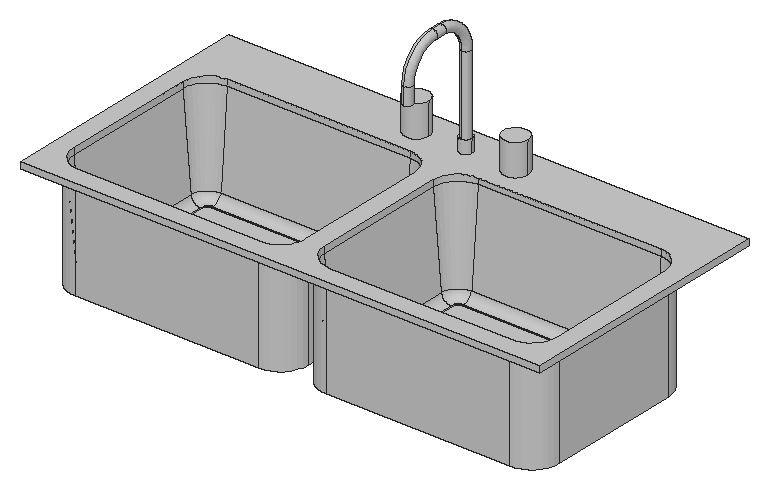
Revit family "Sink Kitchen-Double.rfa #", category Plumbing Fixtures, Revit 2023
Family settings
  Round Connector Dimension = Use Diameter
  Part Type = Normal
  Work Plane-Based = No
  Enable Cutting in Views = No
  Always vertical = Yes
  Cut with Voids When Loaded = No
  Maintain Annotation Orientation = No
  Shared = Yes
  Room Calculation Point = No
Parameters (values of type "42" x 21"")
  Default Elevation = 0' - 0"
  Assembly Code = "D2010410"
  Counter Height = 3' - 0"
  Depth = 1' - 9"
  Faucet Material = Steel, Polished
  Sink Material = Steel, Polished
  Width = 3' - 6"
Reference planes (in)
  plane 1 "Center (Front/Back)": y = -1.40766
  plane 2: z = 0
  plane 3 "Center (Left/Right)": x = 0.61769
  plane 4: y = 10.59234
  plane 5: y = -10.40766
  plane 6: x = -20.38231
  plane 7: x = 21.61769
  plane 8 "Top Of Counter": z = 36
  plane 9: z = 36.5
  plane 10: z = 27.5
  plane 11: y = 6.09234
  plane 12: x = -18.88231
  plane 13: y = -8.90766
  plane 14: x = 20.11769
  plane 15: x = -3.38231
  plane 16: x = 4.61769
  plane 17: y = 8.34234
  plane 18: y = 8.34234
  plane 19: y = 8.34234
  plane 20: z = 46.375
  plane 21: y = 2.46734
  plane 22: z = 39
  plane 23: z = 37.5
  plane 24: x = -0.13231
  plane 25: x = 1.36769
  plane 26: x = -9.13231
  plane 27: x = 10.36769
  plane 28: z = 27.875
Forms (in)
  Extrusion 1, solid, material "Steel, Polished" <- "Sink Material"
    sketch origin (0, 0, 0) x (1, 0, 0) y (0, 1, 0)
      loop
        line (-20.38231, 10.59234) -> (-20.38231, -10.40766) -> (21.61769, -10.40766) -> (21.61769, 10.59234) -> (-20.38231, 10.59234)
      loop
        arc (-16.88231, 6.09234) -> (-18.29653, 5.50655) -> (-18.88231, 4.09234) r 2
        line (-18.88231, 4.09234) -> (-18.88231, -6.90766)
        arc (-18.88231, -6.90766) -> (-18.29653, -8.32187) -> (-16.88231, -8.90766) r 2
        line (-16.88231, -8.90766) -> (-2.13231, -8.90766)
        arc (-2.13231, -8.90766) -> (-0.7181, -8.32187) -> (-0.13231, -6.90766) r 2
        line (-0.13231, -6.90766) -> (-0.13231, 4.09234)
        arc (-0.13231, 4.09234) -> (-0.7181, 5.50655) -> (-2.13231, 6.09234) r 2
        line (-2.13231, 6.09234) -> (-16.88231, 6.09234)
      loop
        arc (18.11769, -8.90766) -> (19.5319, -8.32187) -> (20.11769, -6.90766) r 2
        line (20.11769, -6.90766) -> (20.11769, 4.09234)
        arc (20.11769, 4.09234) -> (19.5319, 5.50655) -> (18.11769, 6.09234) r 2
        line (18.11769, 6.09234) -> (3.36769, 6.09234)
        arc (3.36769, 6.09234) -> (1.95347, 5.50655) -> (1.36769, 4.09234) r 2
        line (1.36769, 4.09234) -> (1.36769, -6.90766)
        arc (1.36769, -6.90766) -> (1.95347, -8.32187) -> (3.36769, -8.90766) r 2
        line (3.36769, -8.90766) -> (18.11769, -8.90766)
    from 36 to 36.5
  Sweep 2, solid, material "Steel, Polished" <- "Sink Material"
    path origin (0, 0, 0) x (1, 0, 0) y (0, 1, 0)
      loop
        arc (-16.88231, 6.09234) -> (-18.29653, 5.50655) -> (-18.88231, 4.09234) r 2
        line (-18.88231, 4.09234) -> (-18.88231, -6.90766)
        arc (-18.88231, -6.90766) -> (-18.29653, -8.32187) -> (-16.88231, -8.90766) r 2
        line (-16.88231, -8.90766) -> (-2.13231, -8.90766)
        arc (-2.13231, -8.90766) -> (-0.7181, -8.32187) -> (-0.13231, -6.90766) r 2
        line (-0.13231, -6.90766) -> (-0.13231, 4.09234)
        arc (-0.13231, 4.09234) -> (-0.7181, 5.50655) -> (-2.13231, 6.09234) r 2
        line (-2.13231, 6.09234) -> (-16.88231, 6.09234)
    profile origin (-9.50731, 0, 0) x (0, 1, 0) y (0, 0, 1)
      loop
        line (6.09234, 36) -> (5.44139, 28.55963)
        arc (5.44139, 28.55963) -> (5.20094, 28.07204) -> (4.69424, 27.875) r 0.75
        line (4.69424, 27.875) -> (4.59234, 27.875) -> (4.59234, 27.5) -> (6.34234, 27.5) -> (6.34234, 36) -> (6.09234, 36)
  Extrusion 3, solid, material "Steel, Polished" <- "Sink Material"
    sketch origin (0, 0, 0) x (1, 0, 0) y (0, 1, 0)
      loop
        arc (-16.88231, 4.59234) -> (-17.23587, 4.44589) -> (-17.38231, 4.09234) r 0.5
        line (-17.38231, 4.09234) -> (-17.38231, -6.90766)
        arc (-17.38231, -6.90766) -> (-17.23587, -7.26121) -> (-16.88231, -7.40766) r 0.5
        line (-16.88231, -7.40766) -> (-2.13231, -7.40766)
        arc (-2.13231, -7.40766) -> (-1.77876, -7.26121) -> (-1.63231, -6.90766) r 0.5
        line (-1.63231, -6.90766) -> (-1.63231, 4.09234)
        arc (-1.63231, 4.09234) -> (-1.77876, 4.44589) -> (-2.13231, 4.59234) r 0.5
        line (-2.13231, 4.59234) -> (-16.88231, 4.59234)
      loop
        circle (-9.13231, -1.40766) r 1
    from 27.5 to 27.875
  Extrusion 4, solid, material "Steel, Polished" <- "Faucet Material"
    sketch origin (0, 0, 0) x (1, 0, 0) y (0, 1, 0)
      loop
        circle (-3.38231, 8.34234) r 1
      loop
        circle (4.61769, 8.34234) r 1
    from 36.5 to 39
  Sweep 5, solid, material "Steel, Polished" <- "Faucet Material"
    path origin (0.61769, 0, 0) x (0, 1, 0) y (0, 0, 1)
      loop
        line (8.34234, 36.5) -> (8.34234, 43.875)
        arc (8.34234, 43.875) -> (7.61011, 45.64277) -> (5.84234, 46.375) r 2.5
        line (5.84234, 46.375) -> (4.96734, 46.375)
        arc (4.96734, 46.375) -> (3.19957, 45.64277) -> (2.46734, 43.875) r 2.5
        line (2.46734, 43.875) -> (2.46734, 42.5)
    profile origin (0.61769, 0, 40.1875) x (0, -1, 0) y (1, 0, 0)
      loop
        circle (-8.34234, 0) r 0.375
  Extrusion 6, solid, material "Steel, Polished" <- "Faucet Material"
    sketch origin (0, 0, 0) x (1, 0, 0) y (0, 1, 0)
      loop
        circle (0.61769, 8.34234) r 0.5
    from 36.5 to 37.5
  Sweep 7, solid, material "Steel, Polished" <- "Sink Material"
    path origin (1.23537, 0, 0) x (-1, 0, 0) y (0, -1, 0)
      loop
        line (-16.88231, -6.09234) -> (-2.13231, -6.09234)
        arc (-2.13231, -6.09234) -> (-0.7181, -5.50655) -> (-0.13231, -4.09234) r 2
        line (-0.13231, -4.09234) -> (-0.13231, 6.90766)
        arc (-0.13231, 6.90766) -> (-0.7181, 8.32187) -> (-2.13231, 8.90766) r 2
        line (-2.13231, 8.90766) -> (-16.88231, 8.90766)
        arc (-16.88231, 8.90766) -> (-18.29653, 8.32187) -> (-18.88231, 6.90766) r 2
        line (-18.88231, 6.90766) -> (-18.88231, -4.09234)
        arc (-18.88231, -4.09234) -> (-18.29653, -5.50655) -> (-16.88231, -6.09234) r 2
    profile origin (10.74269, 0, 0) x (0, -1, 0) y (0, 0, 1)
      loop
        line (-6.09234, 36) -> (-6.34234, 36) -> (-6.34234, 27.5) -> (-4.59234, 27.5) -> (-4.59234, 27.875) -> (-4.69424, 27.875)
        arc (-4.69424, 27.875) -> (-5.20094, 28.07204) -> (-5.44139, 28.55963) r 0.75
        line (-5.44139, 28.55963) -> (-6.09234, 36)
  Extrusion 8, solid, material "Steel, Polished" <- "Sink Material"
    sketch origin (0, 0, 0) x (1, 0, 0) y (0, 1, 0)
      loop
        arc (3.36769, 4.69424) -> (3.01413, 4.5478) -> (2.86769, 4.19424) r 0.5
        line (2.86769, 4.19424) -> (2.86769, -6.90766)
        arc (2.86769, -6.90766) -> (3.01413, -7.26121) -> (3.36769, -7.40766) r 0.5
        line (3.36769, -7.40766) -> (18.11769, -7.40766)
        arc (18.11769, -7.40766) -> (18.47124, -7.26121) -> (18.61769, -6.90766) r 0.5
        line (18.61769, -6.90766) -> (18.61769, 4.19424)
        arc (18.61769, 4.19424) -> (18.47124, 4.5478) -> (18.11769, 4.69424) r 0.5
        line (18.11769, 4.69424) -> (3.36769, 4.69424)
      loop
        circle (10.36769, -1.40766) r 1
    from 27.5 to 27.875
Cuts and joins
  joined: Extrusion 1, Sweep 2, Sweep 7
  joined: Sweep 5, Extrusion 6
Lines and regions (in)
  Masking region 1
    outline origin (0, 0, 36) x (0, -1, 0) y (1, 0, 0)
      loop
        line (-10.59234, -20.38231) -> (10.40766, -20.38231) -> (10.40766, 21.61769) -> (-10.59234, 21.61769) -> (-10.59234, -20.38231)
  symbolic lines
    curve 1: line (-18.88231, 4.09234, 36) -> (-18.88231, -6.90766, 36)
    curve 2: line (-16.88231, -8.90766, 36) -> (-2.13231, -8.90766, 36)
    curve 3: line (20.11769, -6.90766, 36) -> (20.11769, 4.09234, 36)
    curve 4: line (18.11769, 6.09234, 36) -> (3.36769, 6.09234, 36)
    curve 5: arc (20.11769, 4.09234, 36) -> (19.5319, 5.50655, 36) -> (18.11769, 6.09234, 36) r 2
    curve 6: arc (18.11769, -8.90766, 36) -> (19.5319, -8.32187, 36) -> (20.11769, -6.90766, 36) r 2
    curve 7: arc (-18.88231, -6.90766, 36) -> (-18.29653, -8.32187, 36) -> (-16.88231, -8.90766, 36) r 2
    curve 8: arc (-16.88231, 6.09234, 36) -> (-18.29653, 5.50655, 36) -> (-18.88231, 4.09234, 36) r 2
    curve 9: arc (1.11769, 8.34234, 36) -> (0.61769, 8.84234, 36) -> (0.11769, 8.34234, 36) r 0.5
    curve 10: line (0.11769, 8.34234, 36) -> (0.11769, 0.59234, 36)
    curve 11: line (1.11769, 8.34234, 36) -> (1.11769, 0.59234, 36)
    curve 12: arc (1.11769, 0.59234, 36) -> (0.61769, 0.09234, 36) -> (0.11769, 0.59234, 36) r 0.5
    curve 13: line (-0.13231, 4.09234, 36) -> (-0.13231, -6.90766, 36)
    curve 14: line (1.36769, 4.09234, 36) -> (1.36769, -6.90766, 36)
    curve 15: line (3.36769, -8.90766, 36) -> (18.11769, -8.90766, 36)
    curve 16: line (-2.13231, 6.09234, 36) -> (-16.88231, 6.09234, 36)
    curve 17: arc (3.36769, 6.09234, 36) -> (1.95347, 5.50655, 36) -> (1.36769, 4.09234, 36) r 2
    curve 18: arc (1.36769, -6.90766, 36) -> (1.95347, -8.32187, 36) -> (3.36769, -8.90766, 36) r 2
    curve 19: arc (-0.13231, -6.90766, 36) -> (-0.7181, -8.32187, 36) -> (-2.13231, -8.90766, 36) r 2
    curve 20: arc (-0.13231, 4.09234, 36) -> (-0.7181, 5.50655, 36) -> (-2.13231, 6.09234, 36) r 2
    curve 21: arc (-10.13231, -1.40766, 36) -> (-9.13231, -0.40766, 36) -> (-8.13231, -1.40766, 36) r 1
    curve 22: arc (-8.13231, -1.40766, 36) -> (-9.13231, -2.40766, 36) -> (-10.13231, -1.40766, 36) r 1
    curve 23: arc (9.36769, -1.40766, 36) -> (10.36769, -0.40766, 36) -> (11.36769, -1.40766, 36) r 1
    curve 24: arc (11.36769, -1.40766, 36) -> (10.36769, -2.40766, 36) -> (9.36769, -1.40766, 36) r 1
    curve 25: arc (-4.38231, 8.34234, 36) -> (-3.38231, 7.34234, 36) -> (-2.38231, 8.34234, 36) r 1
    curve 26: arc (-2.38231, 8.34234, 36) -> (-3.38231, 9.34234, 36) -> (-4.38231, 8.34234, 36) r 1
    curve 27: arc (3.61769, 8.34234, 36) -> (4.61769, 7.34234, 36) -> (5.61769, 8.34234, 36) r 1
    curve 28: arc (5.61769, 8.34234, 36) -> (4.61769, 9.34234, 36) -> (3.61769, 8.34234, 36) r 1
Dimensions and locks (in)
  equal spacing: plane 6, plane 3 "Center (Left/Right)", plane 7
  "Width": plane 6 to plane 7
  "Depth": plane 5 to plane 4
  "Counter Height": plane 8 "Top Of Counter" to plane 2
  locked: plane 9 to plane 8 "Top Of Counter" at 0.5
  locked: plane 8 "Top Of Counter" to plane 10 at 8.5
  locked: plane 6 to plane 12 at 1.5
  locked: plane 14 to plane 7 at 1.5
  locked: plane 11 to plane 4 at 4.5
  locked: plane 5 to plane 13 at 1.5
  equal spacing: plane 11, plane 17, plane 4
  equal spacing: plane 11, plane 18, plane 4
  equal spacing: plane 4, plane 19, plane 11
  locked: plane 19 to plane 21 at 5.875
  locked: plane 20 to plane 9 at 9.875
  locked: plane 22 to plane 9 at 2.5
  locked: plane 23 to plane 9 at 1
  plane 24 to plane 3 "Center (Left/Right)" to plane 25 = 0' - 0 3/4" locked, 0' - 0 3/4" locked
  equal spacing: plane 12, plane 26, plane 3 "Center (Left/Right)"
  equal spacing: plane 3 "Center (Left/Right)", plane 27, plane 14
  equal spacing: plane 13, plane 1 "Center (Front/Back)", plane 11
  locked: plane 15 to plane 3 "Center (Left/Right)" at 4
  locked: plane 3 "Center (Left/Right)" to plane 16 at 4
  locked: plane 28 to plane 10 at 0.375
  aligned and locked: Extrusion 1 sketch curve to plane 5
  aligned and locked: plane 7 to Extrusion 1 sketch curve
  aligned and locked: plane 4 to Extrusion 1 sketch curve
  aligned and locked: Extrusion 1 sketch curve to plane 6
  aligned and locked: plane 8 "Top Of Counter" to Extrusion 1
  aligned and locked: Extrusion 1 to plane 9
  aligned and locked: plane 11 to Extrusion 1 sketch curve
  aligned and locked: plane 14 to Extrusion 1 sketch curve
  aligned and locked: Extrusion 1 sketch curve to plane 12
  aligned and locked: Extrusion 1 sketch curve to plane 13
  aligned and locked: plane 11 to Sweep 2 sketch curve
  aligned and locked: Sweep 2 sketch curve to plane 12
  aligned and locked: Sweep 2 sketch curve to plane 13
  aligned and locked: Sweep 2 to Extrusion 3 sketch curve  (x4)
  aligned and locked: plane 10 to Extrusion 3
  aligned and locked: Sweep 2 sketch curve to plane 10
  aligned and locked: plane 8 "Top Of Counter" to Sweep 2 sketch curve
  aligned and locked: Extrusion 4 to Extrusion 1
  aligned and locked: Extrusion 6 to Extrusion 1
  aligned and locked: Sweep 5 sketch curve to plane 19
  aligned and locked: plane 20 to Sweep 5 sketch curve
  aligned and locked: plane 21 to Sweep 5 sketch curve
  aligned and locked: Extrusion 4 to plane 22
  aligned and locked: Extrusion 6 to plane 23
  aligned and locked: Sweep 2 sketch curve to Extrusion 1
  aligned and locked: Sweep 7 sketch curve to plane 14
  aligned and locked: Sweep 7 sketch curve to Extrusion 1
  aligned and locked: Sweep 7 sketch curve to plane 11
  aligned and locked: plane 13 to Sweep 7 sketch curve
  aligned and locked: plane 10 to Extrusion 8
  aligned and locked: curve 21 to Extrusion 3
  aligned and locked: curve 23 to Extrusion 8
  aligned and locked: Extrusion 8 sketch curve to Sweep 7
  aligned and locked: Sweep 7 sketch curve to plane 8 "Top Of Counter"
  aligned and locked: plane 10 to Sweep 7 sketch curve
  aligned and locked: plane 4 to Masking region 1 sketch curve
  aligned and locked: plane 7 to Masking region 1 sketch curve
  aligned and locked: Masking region 1 sketch curve to plane 5
  aligned and locked: Masking region 1 sketch curve to plane 6
  aligned and locked: plane 15 to Extrusion 4 sketch curve
  aligned and locked: plane 17 to Extrusion 4 sketch curve  (x2)
  aligned and locked: plane 16 to Extrusion 4 sketch curve
  aligned and locked: curve 25 to Extrusion 4
  aligned and locked: curve 27 to Extrusion 4
  aligned and locked: Extrusion 3 to plane 28
  aligned and locked: Extrusion 8 to plane 28
Automatic sketch dimensions
  Sweep 2 sketch curve to profile plane = 0' - 0"
  profile plane to Sweep 2 sketch curve = 0' - 0.65095"
  Sweep 2 sketch curve to Sweep 2 sketch curve = 0' - 0.74715"
  Sweep 2 sketch curve to Sweep 2 sketch curve = 0' - 0.10191"
  Sweep 2 sketch curve to profile plane = 0' - 0 1/4"
  Sweep 2 sketch curve to Sweep 2 sketch curve = 0' - 0 3/8"
  Sweep 2 sketch curve to Sweep 2 sketch curve = 0' - 0.68463"
  plane 15 to Extrusion 4 sketch curve = 0' - 1"
  plane 16 to Extrusion 4 sketch curve = 0' - 1"
  Sweep 5 sketch curve to plane 3 "Center (Left/Right)" = 0' - 0"
  Sweep 5 sketch curve to profile plane = 0' - 0"
  profile plane to Sweep 5 sketch curve = 0' - 0 3/8"
  Extrusion 6 sketch curve to plane 18 = 0' - 0"
  Extrusion 6 sketch curve to plane 3 "Center (Left/Right)" = 0' - 0"
  Extrusion 6 sketch curve to plane 3 "Center (Left/Right)" = 0' - 0 1/2"
  Sweep 5 sketch curve to plane 9 = 0' - 0"
  Sweep 5 sketch curve to Sweep 5 sketch curve = 0' - 2 1/2"
  plane 11 to Sweep 5 sketch curve = 0' - 0 1/4"
  Sweep 5 sketch curve to Sweep 5 sketch curve = 0' - 1 3/8"
  Extrusion 1 sketch curve to plane 13 = 0' - 0"
  Extrusion 1 sketch curve to plane 24 = 0' - 0"
  Extrusion 1 sketch curve to plane 25 = 0' - 0"
  Extrusion 1 sketch curve to plane 11 = 0' - 0"
  Extrusion 1 sketch curve to plane 12 = 0' - 2"  (x2)
  Extrusion 1 sketch curve to plane 3 "Center (Left/Right)" = 0' - 2 3/4"  (x2)
  plane 3 "Center (Left/Right)" to Extrusion 1 sketch curve = 0' - 2 3/4"  (x2)
  plane 14 to Extrusion 1 sketch curve = 0' - 2"
  Extrusion 1 sketch curve to Extrusion 1 sketch curve = 0' - 2"
  Sweep 2 sketch curve to plane 12 = 0' - 2"  (x2)
  Sweep 2 sketch curve to plane 3 "Center (Left/Right)" = 0' - 2 3/4"  (x2)
  plane 14 to Sweep 7 sketch curve = 0' - 2"  (x2)
  Sweep 7 sketch curve to Sweep 7 sketch curve = 0' - 2"
  plane 3 "Center (Left/Right)" to Sweep 7 sketch curve = 0' - 2 3/4"
  Extrusion 3 sketch curve to plane 1 "Center (Front/Back)" = 0' - 0"
  Extrusion 3 sketch curve to plane 26 = 0' - 0"
  Extrusion 3 sketch curve to Extrusion 3 sketch curve = 0' - 0 1/2"  (x4)
  plane 26 to Extrusion 3 sketch curve = 0' - 1"
  Extrusion 8 sketch curve to plane 1 "Center (Front/Back)" = 0' - 0"
  Extrusion 8 sketch curve to plane 27 = 0' - 0"
  plane 27 to Extrusion 8 sketch curve = 0' - 1"
  plane 3 "Center (Left/Right)" to Extrusion 8 sketch curve = 0' - 2 3/4"  (x2)
  Extrusion 8 sketch curve to Extrusion 8 sketch curve = 0' - 0 1/2"  (x2)
  plane 11 to Extrusion 8 sketch curve = 0' - 1.89809"
  Extrusion 8 sketch curve to plane 13 = 0' - 2"
  plane 7 to Extrusion 8 sketch curve = 0' - 3 1/2"
  Sweep 7 sketch curve to profile plane = 0' - 0"
  profile plane to Sweep 7 sketch curve = 0' - 0 1/4"
  Sweep 7 sketch curve to profile plane = 0' - 0.65095"
  Sweep 7 sketch curve to Sweep 7 sketch curve = 0' - 0.74715"
  Sweep 7 sketch curve to Sweep 7 sketch curve = 0' - 0.10191"
  Sweep 7 sketch curve to Sweep 7 sketch curve = 0' - 0.06537"
  Sweep 7 sketch curve to Sweep 7 sketch curve = 0' - 1.05963"
  curve 20 to plane 11 = 0' - 0"
  curve 17 to plane 11 = 0' - 0"
  curve 5 to plane 14 = 0' - 0"
  curve 1 to plane 12 = 0' - 0"
  curve 12 to plane 3 "Center (Left/Right)" = 0' - 0"
  curve 7 to plane 13 = 0' - 0"
  curve 18 to plane 13 = 0' - 0"
  plane 4 to curve 11 = 0' - 2 1/4"
  plane 11 to curve 5 = 0' - 2"
  plane 11 to curve 8 = 0' - 2"
  curve 13 to plane 3 "Center (Left/Right)" = 0' - 0 3/4"
  curve 14 to curve 13 = 0' - 0"
  curve 11 to plane 1 "Center (Front/Back)" = 0' - 2"
  plane 3 "Center (Left/Right)" to curve 14 = 0' - 0 3/4"
  curve 14 to plane 13 = 0' - 2"
  curve 13 to curve 14 = 0' - 0"
  curve 1 to plane 13 = 0' - 2"
  curve 6 to plane 13 = 0' - 2"
  curve 9 to plane 3 "Center (Left/Right)" = 0' - 0 1/2"
  curve 4 to curve 27 = 0' - 0 1/4"
Connectors (in)
  piping at (-3.38231, 8.34234, 36.5), diameter 1.5
    settings: on Extrusion 4, index 1, connector inside diameter 24", connector length 0' - 0", flow factor 0, pipe flow 0 GPM, pressure drop 8.00 psi, fitting loss kfactor 0, connector angle 0.00°, fixture units 1.5, engagement length 0' - 0", angle of deflection 0.00°, flow configuration 3, flow direction 1, fitting loss method 4, system type 19, joint type 0, gender type 0, connector reference index -1, connector utility 0, adjustable connector no, is connector primary yes, connector description ""
